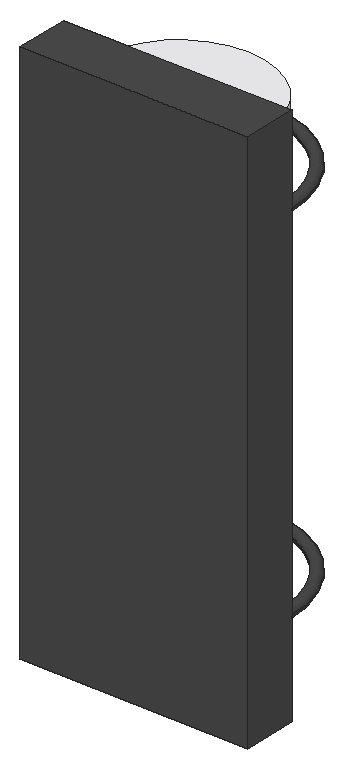
Revit family
Parameters (values of type "Biax 4-Pin 2 -  39W - 277V")
  Width = 0' - 8 3/8"
  Wet Location [instance] = yes
  Watts = 78 W
  Wattage = 38.373 W
  built-in parameter 1150110 = 1 (stored number, unit not read)
  Voltage = 277 V
  URL = "http://teronlighting.com/"
  built-in parameter 1114217 = 0.81 (stored number, unit not read)
  Tilt Angle = 0.00°
  built-in parameter 1150109 = 1 (stored number, unit not read)
  built-in parameter 1150134 = (empty or 0)
  built-in parameter 1150113 = 1 (stored number, unit not read)
  Requires Special Disposal = no
  Remote Battery [instance] = no
  Product Page URL = "http://teronlighting.com/royal-eb-twb/"
  Product Documentation URL = "http://teronlighting.com/wp-content/uploads/Royal-EB-TWB.pdf"
  Product = "Royal EB TWB"
  Point of Final Manufacture = "Fairfield, OH, USA"
  Photometric Web File = "generic.ies"
  Percentage Pre-Consumer = no
  Percentage Post-Consumer = no
  Number of Lamps = 2
  built-in parameter 1150142 = (empty or 0)
  Mounting Type = "4\" Junction Box"
  Model = "RL - EB - TWB - 139X"
  MasterFormat 2004 Title = "Exterior Lighting"
  MasterFormat 2004 Number = "26.56.00"
  Manufacturer Telephone = "01-513-858-6004"
  Manufacturer Email = "sales@teronlight.com"
  Manufacturer Address = "33 Donald Drive Fairfield, OH 45014"
  Manufacturer = "Teron Lighting"
  Lumens = 5700 lm
  built-in parameter 1150115 = 1 (stored number, unit not read)
  built-in parameter 1150105 = 453.59 (stored number, unit not read)
  built-in parameter 1150137 = (empty or 0)
  built-in parameter 1150139 = 0.81 (stored number, unit not read)
  Length = 1' - 8 1/8"
  built-in parameter 1150112 = 1 (stored number, unit not read)
  built-in parameter 1150114 = 1 (stored number, unit not read)
  Lamp Base = "4-Pin"
  Lamp = "2 - 39W Biax 4-Pin"
  Integral Battery [instance] = no
  built-in parameter 1150132 = 2
  built-in parameter 1150102 = (empty or 0)
  built-in parameter 1150138 = 4100 (stored number, unit not read)
  built-in parameter 1150107 = 4100 (stored number, unit not read)
  Industry Standards = "ETL, Buy America Act, Vandal Resistant"
  built-in parameter 1150106 = 4.5359 (stored number, unit not read)
  Fused [instance] = no
  Fixture Material = Paint - TLI - Textured Black
  Fixture = "Steel"
  Finish = "Textured Black"
  Emergency Light Fixture [instance] = no
  Electronic Ballast [instance] = yes
  built-in parameter 1150104 = 13.8 (stored number, unit not read)
  Distributor Locations = "USA, Canada, Puerto Rico"
  Dimming Lamp Color Temperature Shift = (empty or 0)
  Dimming Ballast [instance] = no
  Diffuser Material = Polycarbonate - TLI - Luminous White
  Diffuser = "Polycarbonate - Luminous White"
  Description = "Architectectural Outdoor"
  Depth = 0' - 6 1/8"
  Date Created = "8.1.2011"
  Created By = "RenderSpec  http://rederspec.com"
  Cost = 0
  Conditions of Use = "Elements are representations. Color and detail may differ from actual product. Information is for general use and should be reviewed by a Professional."
  Color Filter = 16777215
  built-in parameter 1114218 = 1 (stored number, unit not read)
  built-in parameter 1150133 = 10 (stored number, unit not read)
  Apparent Load = 78 VA
  Amps = Watts / Voltage / 1 A  # 0.28159
  ADA Compliant = no
Types (8): name | Watts | Wattage | Voltage | Model | Lumens | built-in parameter 1150105 | Lamp | built-in parameter 1150106 | Apparent Load | Amps
  QE 2 -  26W - 120V | 52 W | 24.2356 W | 120 V | "RL - EB - TWB - 226X" | 3600 lm | 286.48 (stored number, unit not read) | "2 - 26W QE" | 2.8648 (stored number, unit not read) | 52 VA | 0.43333
  QE 2 -  26W - 277V | 52 W | 24.2356 W | 277 V | "RL - EB - TWB - 226X" | 3600 lm | 286.48 (stored number, unit not read) | "2 - 26W QE" | 2.8648 (stored number, unit not read) | 52 VA | 0.18773
  TBX 2 -  32W - 120V | 64 W | 32.3141 W | 120 V | "RL - EB - TWB - 232X" | 4800 lm | 381.97 (stored number, unit not read) | "2 - 32W TBX" | 3.8197 (stored number, unit not read) | 64 VA | 0.53333
  TBX 2 -  32W - 277V | 64 W | 32.3141 W | 277 V | "RL - EB - TWB - 232X" | 4800 lm | 381.97 (stored number, unit not read) | "2 - 32W TBX" | 3.8197 (stored number, unit not read) | 64 VA | 0.23105
  Biax 4-Pin 2 -  27W - 120V | 54 W | 24.2356 W | 120 V | "RL - EB - TWB - 139X" | 3600 lm | 286.48 (stored number, unit not read) | "2 - 27W Biax 4-Pin" | 2.8648 (stored number, unit not read) | 54 VA | 0.45
  Biax 4-Pin 2 -  27W - 277V | 54 W | 24.2356 W | 277 V | "RL - EB - TWB - 139X" | 3600 lm | 286.48 (stored number, unit not read) | "2 - 27W Biax 4-Pin" | 2.8648 (stored number, unit not read) | 54 VA | 0.19495
  Biax 4-Pin 2 -  39W - 120V | 78 W | 38.373 W | 120 V | "RL - EB - TWB - 139X" | 5700 lm | 453.59 (stored number, unit not read) | "2 - 39W Biax 4-Pin" | 4.5359 (stored number, unit not read) | 78 VA | 0.65
  Biax 4-Pin 2 -  39W - 277V | 78 W | 38.373 W | 277 V | "RL - EB - TWB - 139X" | 5700 lm | 453.59 (stored number, unit not read) | "2 - 39W Biax 4-Pin" | 4.5359 (stored number, unit not read) | 78 VA | 0.28159
Reference planes (in)
  plane 1: y = 0
  plane 2 "Light Source Axis (L/R)": x = 4.92126
  plane 3 "Light Source Axis (F/R)": y = 4.95276
  plane 4 "Light Source Elevation": z = 60
  plane 5: y = 9.07776
  plane 6: x = 0.73376
  plane 7: x = 9.10876
  plane 8: z = 70.0625
  plane 9: z = 49.9375
Forms (in)
  Extrusion 1, solid, material "Paint - TLI - Textured Black" <- "Fixture Material"
    sketch origin (0, 0, 60) x (1, 0, 0) y (0, 1, 0)
      loop
        line (0.73376, 2.95276) -> (9.10876, 2.95276) -> (9.10876, 4.95276) -> (0.73376, 4.95276) -> (0.73376, 2.95276)
    from -10.0625 to 10.0625
  Extrusion 2, solid, material "Polycarbonate - TLI - Luminous White" <- "Diffuser Material"
    sketch origin (0, 0, 60) x (1, 0, 0) y (0, 1, 0)
      loop
        line (1.67126, 4.95276) -> (8.17126, 4.95276)
        arc (8.17126, 4.95276) -> (4.92126, 8.20276) -> (1.67126, 4.95276) r 3.25
    from 9.0625 to -9.0625
  Sweep 3, solid, material "Paint - TLI - Textured Black" <- "Fixture Material"
    path origin (0, 0, 53.64114) x (1, 0, 0) y (0, 1, 0)
      loop
        arc (8.92126, 4.95276) -> (4.92126, 8.95276) -> (0.92126, 4.95276) r 4
    profile origin (4.92126, 8.95276, 53.64114) x (0, -1, 0) y (0, 0, 1)
      loop
        circle (0, -0.2) r 0.2
  Sweep 4, solid, material "Paint - TLI - Textured Black" <- "Fixture Material"
    path origin (0, 0, 66.60886) x (0, -1, 0) y (1, 0, 0)
      loop
        arc (-4.95276, 8.92126) -> (-8.95276, 4.92126) -> (-4.95276, 0.92126) r 4
    profile origin (4.92126, 8.95276, 66.60886) x (0, -1, 0) y (0, 0, 1)
      loop
        circle (0, 0.2) r 0.2
Text (in)
  text "Placement side" at (-70.3598, 43.96769, 0), in view "Ref. Level"
  text "Placement side" at (0, 83.08644, 117.56134), in view "Left"
  text "Placement side" at (0, 24.74324, 118.58137), in view "Right"
Dimensions and locks (in)
  Extrusion 1 to Extrusion 1 = 0' - 2"
  host wall to plane 5 = 0' - 6 1/8"
  "Depth": host wall to plane 5
  "Length": plane 9 to plane 8
  "Width": plane 6 to plane 7
  aligned and locked: plane 1 to host wall
  aligned and locked: plane 2 "Light Source Axis (L/R)" to imposter light
  aligned and locked: plane 3 "Light Source Axis (F/R)" to imposter light
  aligned and locked: plane 4 "Light Source Elevation" to imposter light
  aligned and locked: nested 1 to host wall
Automatic sketch dimensions
  plane 3 "Light Source Axis (F/R)" to Extrusion 1 sketch curve = 0' - 0"
  Extrusion 1 sketch curve to host wall = 0' - 0"
  plane 3 "Light Source Axis (F/R)" to Extrusion 2 sketch curve = 0' - 0"
  Extrusion 2 sketch curve to plane 2 "Light Source Axis (L/R)" = 0' - 0"
  plane 3 "Light Source Axis (F/R)" to Sweep 3 sketch curve = 0' - 0"
  Sweep 3 sketch curve to plane 2 "Light Source Axis (L/R)" = 0' - 0"
  Sweep 3 sketch curve to profile plane = 0' - 0"
  Sweep 3 sketch curve to profile plane = 0' - 0.2"
  plane 3 "Light Source Axis (F/R)" to Sweep 4 sketch curve = 0' - 0"
  Sweep 4 sketch curve to plane 2 "Light Source Axis (L/R)" = 0' - 0"
  Sweep 4 sketch curve to profile plane = 0' - 0"
  profile plane to Sweep 4 sketch curve = 0' - 0.2"
  Extrusion 1 sketch curve to plane 2 "Light Source Axis (L/R)" = 0' - 4 3/16"
  Extrusion 2 sketch curve to plane 2 "Light Source Axis (L/R)" = 0' - 3 1/4"
  Sweep 3 sketch curve to plane 2 "Light Source Axis (L/R)" = 0' - 4"
  Sweep 4 sketch curve to plane 2 "Light Source Axis (L/R)" = 0' - 4"
  plane 2 "Light Source Axis (L/R)" to Extrusion 1 sketch curve = 0' - 4 3/16"
  radius of Sweep 3 sketch curve = 0' - 0.2"
  radius of Sweep 4 sketch curve = 0' - 0.2"
Nested families (in)
  nested 1: "Wall Mounted Light Fixture" at (4.92126, 2.95276, 0), Emergency Light Fixture <- "Emergency Light Fixture", type "Wall Mounted Light Fixture"
    with Emergency Light Fixture no
Connectors (in)
  electrical at (4.92126, 2.95276, 60), driven by "Voltage", driven by "Apparent Load"
    settings: on Extrusion 1, index 1, voltage 277 V, apparent load 78 VA, apparent load phase1 0 VA, apparent load phase2 0 VA, apparent load phase3 0 VA, power factor 1, load classification "Other", number of poles 1, system type 30, power factor state 1, is connector primary yes, connector utility no, sub classification motor no, connector description ""
Definition of nested family "Wall Mounted Light Fixture"
  Parameters (values of type "Wall Mounted Light Fixture")
    Emergency Light Fixture [instance] = no
  Reference planes (in)
    plane 1: y = 0
    plane 2: x = 0
  Lines and regions (in)
    detail lines, built-in parameter 1006310 <- "Emergency Light Fixture"
      curve 1: circle (0, 0.125, 0) r 0.0625 normal (0, 0, 1)
    detail lines
      curve 2: line (-0.0625, 0, 0) -> (0.0625, 0, 0)
      curve 3: line (0, 0, 0) -> (0, 0.0625, 0)
